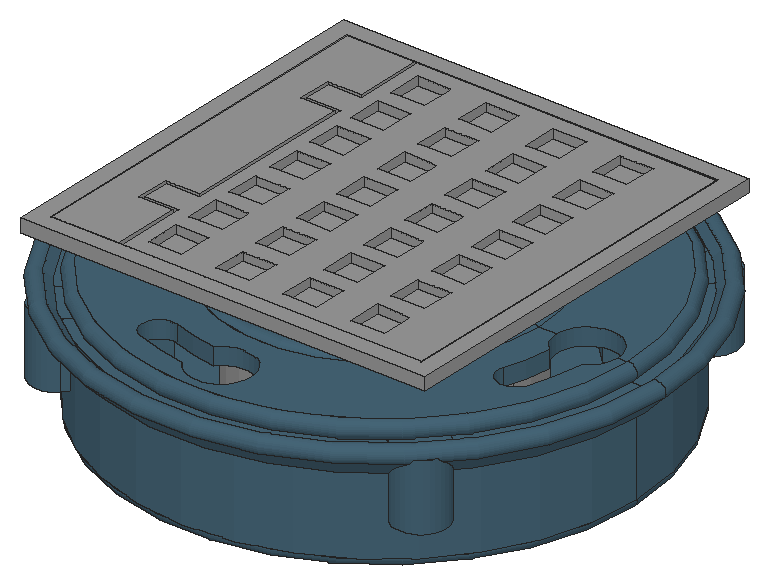
Revit family "Drain_Floor_Round-Zurn-Z415SH", category Plumbing Fixtures, Revit 2022 (continued)
Definition of nested family "Z415SH_Grate 8 Inch "
  Dimensions and locks (in)
    locked: Extrusion 2 sketch curve to Extrusion 2 sketch curve at 0.5  (x2)
    locked: plane 22 to Extrusion 3 sketch curve at 2
    locked: Extrusion 3 sketch curve to Extrusion 3 sketch curve at 0.75  (x3)
    locked: plane 1 "Center (Front/Back)" to Extrusion 3 sketch curve at 2
    locked: Extrusion 3 sketch curve to plane 1 "Center (Front/Back)" at 2
    locked: Extrusion 4 sketch curve to Extrusion 4 sketch curve at 0.5  (x2)
    locked: Extrusion 5 sketch curve to Extrusion 5 sketch curve at 0.5  (x2)
    locked: plane 16 to cut or joined group of Extrusion 1, Extrusion 3, Extrusion 5, Extrusion 6, Extrusion 7, Extrusion 8, Extrusion 9, Extrusion 10, Extrusion 11, Extrusion 13, Extrusion 14, Extrusion 15, Extrusion 16, Extrusion 17, Extrusion 18, Extrusion 19, Extrusion 20, Extrusion 21, Extrusion 22, Extrusion 23, Extrusion 24, Extrusion 25, Extrusion 26, Extrusion 27, Extrusion 28, Extrusion 29, Extrusion 30, Extrusion 31, Extrusion 32, Extrusion 33, Extrusion 34, Extrusion 35, Extrusion 36, Extrusion 37, Extrusion 38, Extrusion 39, Extrusion 40, Extrusion 41, Extrusion 42, Extrusion 43, Extrusion 44, Extrusion 45, Extrusion 46, Extrusion 47, Extrusion 48, Extrusion 49, Extrusion 50, Extrusion 51, Extrusion 52, Extrusion 53, Extrusion 54, Extrusion 55, Extrusion 56, Extrusion 57, Extrusion 58, Extrusion 59, Extrusion 60, Extrusion 61 at 0.35
    locked: Extrusion 6 sketch curve to Extrusion 6 sketch curve at 0.5  (x2)
    equal spacing: group 3, group 5, group 6, group 7, group 8, group 9, group 4  (x3)
    locked: Extrusion 7 sketch curve to Extrusion 7 sketch curve at 0.5  (x2)
    locked: Extrusion 8 sketch curve to Extrusion 8 sketch curve at 0.5  (x2)
    locked: Extrusion 9 sketch curve to Extrusion 9 sketch curve at 0.5  (x2)
    locked: Extrusion 10 sketch curve to Extrusion 10 sketch curve at 0.5  (x2)
    locked: Extrusion 11 sketch curve to Extrusion 11 sketch curve at 0.5  (x2)
    locked: Extrusion 12 sketch curve to Extrusion 12 sketch curve at 0.5  (x2)
    locked: Extrusion 13 sketch curve to Extrusion 13 sketch curve at 0.5  (x2)
    locked: Extrusion 14 sketch curve to Extrusion 14 sketch curve at 0.5  (x2)
    equal spacing: group 12, group 14, group 15, group 16, group 17, group 18, group 13  (x3)
    locked: Extrusion 15 sketch curve to Extrusion 15 sketch curve at 0.5  (x2)
    locked: Extrusion 16 sketch curve to Extrusion 16 sketch curve at 0.5  (x2)
    locked: Extrusion 17 sketch curve to Extrusion 17 sketch curve at 0.5  (x2)
    locked: Extrusion 18 sketch curve to Extrusion 18 sketch curve at 0.5  (x2)
    locked: Extrusion 19 sketch curve to Extrusion 19 sketch curve at 0.5  (x2)
    equal spacing: group 10, group 27, group 35, group 43, group 51, group 59, group 67, group 19  (x2)
    equal spacing: group 19, group 67, group 59, group 51, group 43, group 35, group 27, group 10
    locked: Extrusion 20 sketch curve to Extrusion 20 sketch curve at 0.5  (x2)
    locked: Extrusion 21 sketch curve to Extrusion 21 sketch curve at 0.5  (x2)
    equal spacing: group 20, group 22, group 23, group 24, group 25, group 26, group 21  (x3)
    locked: Extrusion 22 sketch curve to Extrusion 22 sketch curve at 0.5  (x2)
    locked: Extrusion 23 sketch curve to Extrusion 23 sketch curve at 0.5  (x2)
    locked: Extrusion 24 sketch curve to Extrusion 24 sketch curve at 0.5  (x2)
    locked: Extrusion 25 sketch curve to Extrusion 25 sketch curve at 0.5  (x2)
    locked: Extrusion 26 sketch curve to Extrusion 26 sketch curve at 0.5  (x2)
    locked: Extrusion 27 sketch curve to Extrusion 27 sketch curve at 0.5  (x2)
    locked: Extrusion 28 sketch curve to Extrusion 28 sketch curve at 0.5  (x2)
    equal spacing: group 28, group 30, group 31, group 32, group 33, group 34, group 29  (x3)
    locked: Extrusion 29 sketch curve to Extrusion 29 sketch curve at 0.5  (x2)
    locked: Extrusion 30 sketch curve to Extrusion 30 sketch curve at 0.5  (x2)
    locked: Extrusion 31 sketch curve to Extrusion 31 sketch curve at 0.5  (x2)
    locked: Extrusion 32 sketch curve to Extrusion 32 sketch curve at 0.5  (x2)
    locked: Extrusion 33 sketch curve to Extrusion 33 sketch curve at 0.5  (x2)
    locked: Extrusion 34 sketch curve to Extrusion 34 sketch curve at 0.5  (x2)
    locked: Extrusion 35 sketch curve to Extrusion 35 sketch curve at 0.5  (x2)
    equal spacing: group 36, group 38, group 39, group 40, group 41, group 42, group 37  (x3)
    locked: Extrusion 36 sketch curve to Extrusion 36 sketch curve at 0.5  (x2)
    locked: Extrusion 37 sketch curve to Extrusion 37 sketch curve at 0.5  (x2)
    locked: Extrusion 38 sketch curve to Extrusion 38 sketch curve at 0.5  (x2)
    locked: Extrusion 39 sketch curve to Extrusion 39 sketch curve at 0.5  (x2)
    locked: Extrusion 40 sketch curve to Extrusion 40 sketch curve at 0.5  (x2)
    locked: Extrusion 41 sketch curve to Extrusion 41 sketch curve at 0.5  (x2)
    locked: Extrusion 42 sketch curve to Extrusion 42 sketch curve at 0.5  (x2)
    equal spacing: group 44, group 46, group 47, group 48, group 49, group 50, group 45  (x3)
    locked: Extrusion 43 sketch curve to Extrusion 43 sketch curve at 0.5  (x2)
    locked: Extrusion 44 sketch curve to Extrusion 44 sketch curve at 0.5  (x2)
    locked: Extrusion 45 sketch curve to Extrusion 45 sketch curve at 0.5  (x2)
    locked: Extrusion 46 sketch curve to Extrusion 46 sketch curve at 0.5  (x2)
    locked: Extrusion 47 sketch curve to Extrusion 47 sketch curve at 0.5  (x2)
    locked: Extrusion 48 sketch curve to Extrusion 48 sketch curve at 0.5  (x2)
    locked: Extrusion 49 sketch curve to Extrusion 49 sketch curve at 0.5  (x2)
    equal spacing: group 52, group 54, group 55, group 56, group 57, group 58, group 53  (x3)
    locked: Extrusion 50 sketch curve to Extrusion 50 sketch curve at 0.5  (x2)
    locked: Extrusion 51 sketch curve to Extrusion 51 sketch curve at 0.5  (x2)
    locked: Extrusion 52 sketch curve to Extrusion 52 sketch curve at 0.5  (x2)
    locked: Extrusion 53 sketch curve to Extrusion 53 sketch curve at 0.5  (x2)
    locked: Extrusion 54 sketch curve to Extrusion 54 sketch curve at 0.5  (x2)
    locked: Extrusion 55 sketch curve to Extrusion 55 sketch curve at 0.5  (x2)
    locked: Extrusion 56 sketch curve to Extrusion 56 sketch curve at 0.5  (x2)
    equal spacing: group 60, group 62, group 63, group 64, group 65, group 66, group 61  (x3)
    locked: Extrusion 57 sketch curve to Extrusion 57 sketch curve at 0.5  (x2)
    locked: Extrusion 58 sketch curve to Extrusion 58 sketch curve at 0.5  (x2)
    locked: Extrusion 59 sketch curve to Extrusion 59 sketch curve at 0.5  (x2)
    locked: Extrusion 60 sketch curve to Extrusion 60 sketch curve at 0.5  (x2)
    locked: Extrusion 61 sketch curve to Extrusion 61 sketch curve at 0.5  (x2)
    aligned and locked: level to plane 2
    aligned and locked: Extrusion 1 to level
    aligned and locked: Extrusion 1 to plane 25
    aligned and locked: plane 24 to Extrusion 3 sketch curve
    aligned and locked: plane 23 to Extrusion 3 sketch curve
    aligned and locked: Extrusion 3 to plane 25
    aligned and locked: level to Extrusion 3
    aligned and locked: Extrusion 5 to plane 25
    aligned and locked: level to Extrusion 5
  Automatic sketch dimensions
    Extrusion 3 sketch curve to plane 16 = 0.000"  (x2)
    Extrusion 3 sketch curve to Extrusion 3 sketch curve = 0.050"  (x8)
    plane 16 to Extrusion 3 sketch curve = 0.050"
    Extrusion 3 sketch curve to plane 16 = 0.700"
